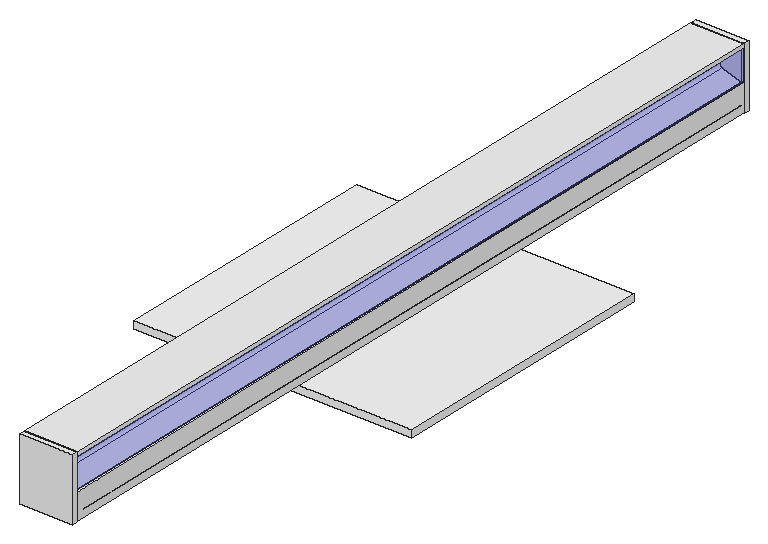
Revit family "BE_50802.1_de_DE", category Leuchten, Revit 2020
Family settings
  Basisbauteil = Fläche
  Bemaßung runder Anschluss = Durchmesser verwenden
  Teiletyp = Normal
  Beim Laden mit Abzugskörper schneiden = Ja
  Lichtquelle = Ja
  Gemeinsam genutzt = Nein
  Raumberechnungspunkt = Ja
Parameters (values of type "BEGA_50802.1_K3")
  built-in parameter 1150104 = 13.778 (stored number, unit not read)
  Wattage = 47.2 W
  Default Elevation = 0 mm
  built-in parameter 1150113 = 1 (stored number, unit not read)
  built-in parameter 1114218 = 1 (stored number, unit not read)
  Umgebungstemperatur = "25 °C"
  URL = "https://www.bega.com/de/produkt/50802.1"
  Typenkommentare = "© 2023 BEGA. Wir behalten uns das Recht vor, technische Änderungen ohne vorherige Ankündigung vorzunehmen."  # constant formula
  built-in parameter 1150134 = (empty or 0)
  built-in parameter 1150109 = 1 (stored number, unit not read)
  Strom = ""
  built-in parameter 1150110 = 1 (stored number, unit not read)
  Spannung = 239.996 V
  Sonderanfertigung = no
  Seriennummer [instance] = "Hier können Sie die eindeutige Seriennummer für das Facility Management eintragen."
  Schutzklasse = "I"
  Schutzart = "IP 20"
  Scheinlast = 0 VA
  Produktdatenblatt = "https://cdn.bega.com/bega/products/50802.1K3/current/documents/data-sheets/de"
  Oberflächentemperatur = ""
  Neigungswinkel = 0.00°
  Modell = "50802.1K3"
  Material_34 = BEGA_Oberfläche_Samtweiss_matt
  Material_14 = BEGA_Kunststoff_opal
  M_W = no
  M_G = no
  M_A = no
  Logo = 0
  built-in parameter 1114217 = 1 (stored number, unit not read)
  built-in parameter 1150139 = (empty or 0)
  built-in parameter 1150105 = 557.06 (stored number, unit not read)
  built-in parameter 1150114 = 1 (stored number, unit not read)
  Lumens = 7000.23 lm
  built-in parameter 1150115 = 1 (stored number, unit not read)
  Leuchtenlichtstrom = "5910 lm"
  Leuchtenanzahl = ""
  Lebensdauerkriterien = "L70B50 @ 25 °C = 160000 h"
  Lastklassifizierung = Beleuchtung
  built-in parameter 1150112 = 1 (stored number, unit not read)
  Lampenlichtstrom = "7000 lm"
  Lampe = "LED 47.2 W"
  LED_Modulbezeichnung = "8x LED-1050/930"
  Hersteller = "BEGA"  # constant formula
  Halbstreuwinkel = ""
  Gewicht = "7.3 kg"
  Gebrauchslageneinschränkung [instance] = ""
  Frequenz = "0/50-60 Hz"
  Farbwiedergabeindex = "CRI > 90"
  Farbtemperaturverschiebung bei Dämpfen der Lampe = <Keine Auswahl>
  Farbtemperatur = "3000 K"
  Color Filter = 16777215
  built-in parameter 1150133 = 10 (stored number, unit not read)
  Energieeffizienzklasse = "LED A++ - A"
  built-in parameter 1150137 = (empty or 0)
  built-in parameter 1150132 = (empty or 0)
  ENEC = "ja"
  Dimmbar [instance] = "DALI"
  Datei für fotometrisches Netz = "BE_50802K3.ies"
  CE_Konformität = "ja"
  Bestellnummer = "50802.1K3"
  Beschreibung_Sonderanfertigung = "Hier können Sie Informationen zur Sonderanfertigung eintragen."
  Beschreibung = "Wandleuchte"
  built-in parameter 1150106 = 5.5706 (stored number, unit not read)
  Befestigungsbohrung = "Ø 5,5 mm"
  Befestigungsabstand = "1150 mm"
  Ballwurfsicher = ""
  BEGA_Intern_aus = yes
  BEGA_Intern_an = yes
  BEGA_Intern_Konstruktion = yes
  BEGA_Intern = yes
  BEGA_IES = yes
  BEGA_Dummy = no
  Anschlussleitung = ""
  Anschlussleistung [instance] = "53 W"
  Anschlusskasten = ""
  built-in parameter 1150107 = 3000 (stored number, unit not read)
  built-in parameter 1150102 = (empty or 0)
  built-in parameter 1150138 = (empty or 0)
  Aktualisierung = "2023-04-19T04:00:03"
  Abstand_zur_angestrahlten_Fläche [instance] = ""
  AC/DC = "AC/DC"
Reference planes
  plane 1 "Mitte (Vorne/Hinten)": y = 0
  plane 2: z = 0
  plane 3 "Mitte (Links/Rechts)": x = 0
  plane 4 "Links": x = -38
  plane 5 "Rechts": x = 38
  plane 6 "Unten": y = -607.856
  plane 7 "Oben": y = 608.144
  plane 8 "Vorne": z = 90
  plane 9 "Hinten": z = 0
Forms (mm)
  Extrusion 1, solid, material "BEGA_Platte_Weiss"
    sketch origin (0, -1119.2, 0) x (1, 0, 0) y (0, 1, 0)
      loop
        line (-200, 1319.2) -> (-200, 919.2) -> (200, 919.2) -> (200, 1319.2) -> (-200, 1319.2)
    from 0 to -10
  Extrusion 2, solid, material "BEGA_Dummy_matt", visible <- "BEGA_Dummy"
    sketch origin (80.095, -76.023, 0) x (1, 0, 0) y (0, 1, 0)
      loop
        line (-118.095, 684.167) -> (-118.095, -531.833) -> (-42.095, -531.833) -> (-42.095, 684.167) -> (-118.095, 684.167)
    from 0 to 90
Dimensions and locks
  plane 1 "Mitte (Vorne/Hinten)" to Extrusion 1 = 200 mm
  aligned and locked: Extrusion 1 to plane 2
  aligned and locked: Extrusion 1 to level
  aligned and locked: Extrusion 2 to nested 1  (x3)
Nested families
  nested 1: "BE_50802.1_Leuchte" at (0, 0, 0), type "BE_50802.1_Leuchte"
Connectors
  electrical at (0, 0, 0), driven by "Lastklassifizierung", driven by "Spannung", driven by "Scheinlast"
    settings: index 1, voltage 239.996 V, apparent load 0 VA, apparent load phase1 0 VA, apparent load phase2 0 VA, apparent load phase3 0 VA, power factor 1, load classification "Beleuchtung", number of poles 1, system type 31, power factor state 1, is connector primary yes, connector utility no, sub classification motor no, connector description ""
Definition of nested family "BE_50802.1_Leuchte"
  Parameters (values of type "BE_50802.1_Leuchte")
    Default Elevation = 1 mm
    URL = "http://www.bega.de/de/produkt"
    Type Comments = "© 2015 BEGA. Wir behalten uns das Recht vor, technische Änderungen ohne vorherige Ankündigung vorzunehmen. "  # constant formula
    Type Image = (empty or 0)
    Material_34 = none
    Material_14 = none
    Länge_Platte = 200 mm  # constant formula
    Höhe_Platte = -10 mm  # constant formula
    Manufacturer = "BEGA"  # constant formula
    Breite_Platte = 200 mm  # constant formula
  Reference planes
    plane 1 "Mitte (Oben/Unten)": y = 0
    plane 2: z = 0
    plane 3 "Mitte (Links/Rechts)": x = 0
    plane 4: y = 608.144
    plane 5: x = 38
    plane 6: y = -607.856
    plane 7: x = -38
    plane 8: z = 90
  Forms (mm)
    Extrusion 1, solid, detail levels medium
      sketch origin (0, 0, 0) x (1, 0, 0) y (0, 1, 0)
        loop
          line (-100, 100) -> (-100, -100) -> (100, -100) -> (100, 100) -> (-100, 100)
      from 0 to -10 <- "Höhe_Platte"
    Extrusion 2, solid, material <- "Material_34"
      sketch origin (0, 0, 0) x (1, 0, 0) y (0, 0, 1)
        loop
          line (26, 0) -> (34, 0) -> (34, 2.5) -> (30.5, 2.5) -> (30.5, 5.902) -> (33.2, 7.461)
          arc (33.2, 7.461) -> (33.8, 8.5) -> (33.2, 9.539) r 1.2
          line (33.2, 9.539) -> (32.472, 9.96) -> (28, 10)
          arc (28, 10) -> (27.646, 9.854) -> (27.5, 9.5) r 0.5
          line (27.5, 9.5) -> (27.5, 8) -> (-24, 8) -> (-24, 9.5)
          arc (-24, 9.5) -> (-24.146, 9.854) -> (-24.5, 10) r 0.5
          line (-24.5, 10) -> (-27.252, 10) -> (-28.075, 8.575) -> (-26, 6.5) -> (-26, 4.5) -> (-28, 2.5) -> (-33, 2.5) -> (-33, 0) -> (-25, 0) -> (-22.402, 4.5) -> (23.402, 4.5) -> (26, 0)
      from -600.144 to 599.856
    Extrusion 3, solid, material <- "Material_34"
      sketch origin (0, 0, 0) x (1, 0, 0) y (0, 0, 1)
        loop
          line (6.609, 47.762) -> (34.4, 39) -> (34.4, 37.196) -> (36, 37.231) -> (36, 39) -> (38, 39) -> (38, 0.5) -> (35, 0.5) -> (35, 2.5) -> (31.5, 2.5) -> (31.5, 6.568) -> (34.5, 8.3) -> (34.5, 10.8) -> (31.5, 12.532) -> (31.5, 34.7) -> (21.034, 38) -> (-21.034, 38) -> (-31.5, 34.7) -> (-31.5, 2.5) -> (-35, 2.5) -> (-35, 0.509) -> (-38, 0.499) -> (-38, 39) -> (-36, 39) -> (-36, 37.23) -> (-34.4, 37.196) -> (-34.4, 39) -> (-32.888, 39.477) -> (-6.481, 47.803)
          arc (-6.481, 47.803) -> (-3.963, 49.616) -> (-3, 52.567) r 5
          line (-3, 52.567) -> (-3, 84.133) -> (-8.5, 83.995) -> (-8.5, 78.89)
          arc (-8.5, 78.89) -> (-8.713, 78.48) -> (-9.171, 78.42) r 0.5
          line (-9.171, 78.42) -> (-27.25, 85) -> (-34.4, 85) -> (-34.4, 86.804) -> (-35.888, 86.771) -> (-36.012, 85.026) -> (-38, 84.997) -> (-38, 90) -> (38, 90) -> (38, 85) -> (36.014, 85) -> (35.888, 86.771) -> (34.4, 86.805) -> (34.4, 85) -> (27.25, 85) -> (9.171, 78.42)
          arc (9.171, 78.42) -> (8.713, 78.48) -> (8.5, 78.89) r 0.5
          line (8.5, 78.89) -> (8.5, 84) -> (3, 84.007) -> (3, 70.92) -> (3, 52.567)
          arc (3, 52.567) -> (3.968, 49.61) -> (6.497, 47.798) r 5
      from -600.144 to 599.856
    Extrusion 4, solid, material <- "Material_14"
      sketch origin (0, 0, 0) x (1, 0, 0) y (0, 0, 1)
        loop
          line (34.5, 86.55) -> (34.5, 37.75) -> (36, 37.75) -> (36, 39.3) -> (37.491, 39.3) -> (37.5, 85) -> (36, 85) -> (36, 86.55) -> (34.5, 86.55)
        loop
          line (-34.5, 86.55) -> (-36, 86.55) -> (-36, 85) -> (-37.5, 85) -> (-37.5, 39.3) -> (-36, 39.3) -> (-36, 37.75) -> (-34.5, 37.75) -> (-34.5, 86.55)
      from -600.144 to 599.856
    Extrusion 5, solid, material <- "Material_34"
      sketch origin (0, 0, 0) x (1, 0, 0) y (0, 1, 0)
        loop
          line (-37.994, -600.726) -> (-37.869, -607.856) -> (37.869, -607.856) -> (37.994, -600.726) -> (37.172, -600.726) -> (37.172, -599.856) -> (-0.439, -599.856) -> (-37.172, -599.856) -> (-37.172, -600.726) -> (-37.994, -600.726)
      from 0 to 90
    Extrusion 6, solid, material <- "Material_34"
      sketch origin (0, 0, 0) x (1, 0, 0) y (0, 1, 0)
        loop
          line (-37.869, 608.144) -> (-37.993, 601.065) -> (-37.124, 601.065) -> (-37.124, 600.144) -> (-0.419, 600.144) -> (37.124, 600.144) -> (37.124, 601.065) -> (37.993, 601.065) -> (37.869, 608.144) -> (-37.869, 608.144)
      from 0 to 90
    Extrusion 7, void
      sketch origin (0, 0, 0) x (1, 0, 0) y (0, 1, 0)
        loop
          line (7.5, -576.606) -> (12.5, -576.606)
          arc (12.5, -576.606) -> (15.25, -573.856) -> (12.5, -571.106) r 2.75
          line (12.5, -571.106) -> (7.5, -571.106)
          arc (7.5, -571.106) -> (4.75, -573.856) -> (7.5, -576.606) r 2.75
        loop
          arc (7, -7.856) -> (12.657, -5.513) -> (15, 0.144) r 8
          line (15, 0.144) -> (15, 134.144)
          arc (15, 134.144) -> (12.657, 139.801) -> (7, 142.144) r 8
          line (7, 142.144) -> (-7, 142.144)
          arc (-7, 142.144) -> (-12.657, 139.801) -> (-15, 134.144) r 8
          line (-15, 134.144) -> (-15, 0.144)
          arc (-15, 0.144) -> (-12.657, -5.513) -> (-7, -7.856) r 8
          line (-7, -7.856) -> (7, -7.856)
        loop
          arc (12.75, 578.644) -> (10, 581.394) -> (7.25, 578.644) r 2.75
          line (7.25, 578.644) -> (7.25, 573.644)
          arc (7.25, 573.644) -> (10, 570.894) -> (12.75, 573.644) r 2.75
          line (12.75, 573.644) -> (12.75, 578.644)
      from 4.5 to 8
  Cuts and joins
    Extrusion 7 cuts Extrusion 2
    Extrusion 7 cuts Extrusion 3
  Dimensions and locks
    equal spacing: Extrusion 1 sketch curve, plane 3 "Mitte (Links/Rechts)", Extrusion 1 sketch curve
    equal spacing: Extrusion 1 sketch curve, plane 1 "Mitte (Oben/Unten)", Extrusion 1 sketch curve
    "Länge_Platte": Extrusion 1 sketch curve to Extrusion 1 sketch curve
    "Breite_Platte": Extrusion 1 sketch curve to Extrusion 1 sketch curve
    plane 1 "Mitte (Oben/Unten)" to Extrusion 1 = 100 mm  (x3)
    aligned and locked: Extrusion 1 to plane 2
    aligned and locked: Extrusion 1 to level
    aligned and locked: Extrusion 3 to Extrusion 2  (x2)
    aligned and locked: Extrusion 4 to Extrusion 2  (x2)
    aligned and locked: Extrusion 3 to Extrusion 6
    aligned and locked: Extrusion 5 to Extrusion 3
  Automatic sketch dimensions
    plane 3 "Mitte (Links/Rechts)" to Extrusion 2 sketch curve = 23.402 mm
    Extrusion 2 sketch curve to Extrusion 2 sketch curve = 2.598 mm
    Extrusion 2 sketch curve to Extrusion 2 sketch curve = 8 mm
    level to Extrusion 2 sketch curve = 9.96 mm
    Extrusion 2 sketch curve to Extrusion 2 sketch curve = 0.128 mm
    Extrusion 2 sketch curve to Extrusion 2 sketch curve = 1.46 mm
    Extrusion 2 sketch curve to Extrusion 2 sketch curve = 4.472 mm
    Extrusion 2 sketch curve to Extrusion 2 sketch curve = 2.1 mm
    level to Extrusion 2 sketch curve = 5.902 mm
    Extrusion 2 sketch curve to Extrusion 2 sketch curve = 0.728 mm
    Extrusion 2 sketch curve to Extrusion 2 sketch curve = 0.6 mm
    level to Extrusion 2 sketch curve = 9.539 mm
    Extrusion 2 sketch curve to Extrusion 2 sketch curve = 0 mm  (x3)
    level to Extrusion 2 sketch curve = 7.461 mm
    Extrusion 2 sketch curve to Extrusion 2 sketch curve = 3.5 mm
    Extrusion 2 sketch curve to Extrusion 2 sketch curve = 2.5 mm  (x2)
    Extrusion 2 sketch curve to Extrusion 2 sketch curve = 0.5 mm  (x2)
    Extrusion 2 sketch curve to Extrusion 2 sketch curve = 1.5 mm  (x2)
    level to Extrusion 2 sketch curve = 9.5 mm
    Extrusion 2 sketch curve to plane 3 "Mitte (Links/Rechts)" = 24.5 mm
    Extrusion 2 sketch curve to Extrusion 2 sketch curve = 2.752 mm
    Extrusion 2 sketch curve to Extrusion 2 sketch curve = 5.748 mm
    Extrusion 2 sketch curve to Extrusion 2 sketch curve = 5 mm
    Extrusion 2 sketch curve to Extrusion 2 sketch curve = 0.823 mm
    level to Extrusion 2 sketch curve = 8.575 mm
    level to Extrusion 2 sketch curve = 4.5 mm  (x2)
    Extrusion 2 sketch curve to Extrusion 2 sketch curve = 2 mm
    level to Extrusion 2 sketch curve = 6.5 mm
    level to Extrusion 2 sketch curve = 0 mm
    Extrusion 2 sketch curve to Extrusion 2 sketch curve = 3 mm
    Extrusion 2 sketch curve to Extrusion 2 sketch curve = 3.598 mm
    Extrusion 2 sketch curve to level = 0 mm
    level to Extrusion 3 sketch curve = 0.5 mm
    Extrusion 3 sketch curve to Extrusion 3 sketch curve = 3 mm  (x4)
    plane 3 "Mitte (Links/Rechts)" to Extrusion 3 sketch curve = 8 mm
    Extrusion 3 sketch curve to Extrusion 3 sketch curve = 0.5 mm  (x3)
    level to Extrusion 3 sketch curve = 8.3 mm
    level to Extrusion 3 sketch curve = 10.8 mm
    level to Extrusion 3 sketch curve = 6.568 mm
    level to Extrusion 3 sketch curve = 12.532 mm
    Extrusion 3 sketch curve to Extrusion 3 sketch curve = 1.6 mm  (x2)
    Extrusion 3 sketch curve to Extrusion 3 sketch curve = 2 mm  (x2)
    Extrusion 3 sketch curve to Extrusion 3 sketch curve = 22.168 mm
    Extrusion 3 sketch curve to Extrusion 3 sketch curve = 0.035 mm  (x2)
    Extrusion 3 sketch curve to Extrusion 3 sketch curve = 1.769 mm
    Extrusion 3 sketch curve to Extrusion 3 sketch curve = 1.804 mm  (x2)
    Extrusion 3 sketch curve to Extrusion 3 sketch curve = 8.762 mm
    Extrusion 3 sketch curve to Extrusion 3 sketch curve = 18.353 mm
    Extrusion 3 sketch curve to Extrusion 3 sketch curve = 7.97 mm
    Extrusion 3 sketch curve to Extrusion 3 sketch curve = 5.5 mm  (x2)
    Extrusion 3 sketch curve to Extrusion 3 sketch curve = 0.171 mm  (x2)
    Extrusion 3 sketch curve to Extrusion 3 sketch curve = 0 mm  (x8)
    Extrusion 3 sketch curve to Extrusion 3 sketch curve = 18.75 mm  (x2)
    Extrusion 3 sketch curve to Extrusion 3 sketch curve = 6.58 mm
    Extrusion 3 sketch curve to Extrusion 3 sketch curve = 5.11 mm
    Extrusion 3 sketch curve to Extrusion 3 sketch curve = 0.007 mm
    Extrusion 3 sketch curve to Extrusion 3 sketch curve = 5.117 mm
    Extrusion 3 sketch curve to Extrusion 3 sketch curve = 7.15 mm  (x2)
    Extrusion 3 sketch curve to Extrusion 3 sketch curve = 1.986 mm
    Extrusion 3 sketch curve to Extrusion 3 sketch curve = 5.105 mm
    Extrusion 3 sketch curve to Extrusion 3 sketch curve = 0.003 mm
    Extrusion 3 sketch curve to Extrusion 3 sketch curve = 5.003 mm
    Extrusion 3 sketch curve to plane 3 "Mitte (Links/Rechts)" = 8 mm
    Extrusion 3 sketch curve to plane 3 "Mitte (Links/Rechts)" = 3 mm
    Extrusion 3 sketch curve to Extrusion 3 sketch curve = 1.519 mm
    Extrusion 3 sketch curve to Extrusion 3 sketch curve = 0.138 mm
    Extrusion 3 sketch curve to plane 3 "Mitte (Links/Rechts)" = 38 mm
    level to Extrusion 3 sketch curve = 0.499 mm
    level to Extrusion 3 sketch curve = 0.509 mm
    Extrusion 3 sketch curve to Extrusion 3 sketch curve = 2.281 mm
    Extrusion 3 sketch curve to Extrusion 3 sketch curve = 1.77 mm
    Extrusion 3 sketch curve to Extrusion 3 sketch curve = 2.9 mm  (x2)
    Extrusion 3 sketch curve to Extrusion 3 sketch curve = 11.854 mm
    Extrusion 3 sketch curve to plane 3 "Mitte (Links/Rechts)" = 21.034 mm
    Extrusion 3 sketch curve to Extrusion 3 sketch curve = 1.991 mm
    Extrusion 3 sketch curve to Extrusion 3 sketch curve = 2.496 mm  (x2)
    Extrusion 3 sketch curve to Extrusion 3 sketch curve = 1.477 mm
    plane 3 "Mitte (Links/Rechts)" to Extrusion 3 sketch curve = 3 mm
    Extrusion 3 sketch curve to Extrusion 3 sketch curve = 0.113 mm
    Extrusion 3 sketch curve to Extrusion 3 sketch curve = 5 mm
    Extrusion 3 sketch curve to Extrusion 3 sketch curve = 1.614 mm
    Extrusion 3 sketch curve to Extrusion 3 sketch curve = 1.488 mm  (x2)
    Extrusion 3 sketch curve to Extrusion 3 sketch curve = 1.771 mm
    Extrusion 3 sketch curve to Extrusion 3 sketch curve = 1.805 mm
    Extrusion 3 sketch curve to Extrusion 3 sketch curve = 1.988 mm
    Extrusion 3 sketch curve to Extrusion 3 sketch curve = 0.125 mm
    Extrusion 3 sketch curve to Extrusion 3 sketch curve = 0.029 mm
    Extrusion 3 sketch curve to Extrusion 3 sketch curve = 1.745 mm
    Extrusion 3 sketch curve to Extrusion 3 sketch curve = 0.033 mm
    Extrusion 3 sketch curve to Extrusion 3 sketch curve = 1.391 mm
    Extrusion 3 sketch curve to Extrusion 3 sketch curve = 10.466 mm
    Extrusion 3 sketch curve to Extrusion 3 sketch curve = 32.2 mm
    Extrusion 3 sketch curve to Extrusion 3 sketch curve = 0.041 mm
    Extrusion 3 sketch curve to Extrusion 3 sketch curve = 14.425 mm
    plane 3 "Mitte (Links/Rechts)" to Extrusion 4 sketch curve = 34.5 mm
    level to Extrusion 4 sketch curve = 86.55 mm
    Extrusion 4 sketch curve to Extrusion 4 sketch curve = 1.5 mm  (x6)
    level to Extrusion 4 sketch curve = 37.75 mm  (x2)
    Extrusion 4 sketch curve to Extrusion 4 sketch curve = 2.991 mm
    Extrusion 4 sketch curve to Extrusion 4 sketch curve = 1.55 mm  (x4)
    Extrusion 4 sketch curve to plane 3 "Mitte (Links/Rechts)" = 34.5 mm
    Extrusion 4 sketch curve to Extrusion 4 sketch curve = 0 mm
    Extrusion 5 sketch curve to plane 3 "Mitte (Links/Rechts)" = 37.994 mm
    Extrusion 5 sketch curve to Extrusion 5 sketch curve = 0.124 mm  (x2)
    Extrusion 5 sketch curve to Extrusion 5 sketch curve = 0.822 mm  (x2)
    plane 3 "Mitte (Links/Rechts)" to Extrusion 5 sketch curve = 37.869 mm
    plane 1 "Mitte (Oben/Unten)" to Extrusion 5 sketch curve = 607.856 mm
    Extrusion 5 sketch curve to Extrusion 5 sketch curve = 7.131 mm
    Extrusion 5 sketch curve to Extrusion 5 sketch curve = 0 mm
    Extrusion 5 sketch curve to Extrusion 5 sketch curve = 0.869 mm
    Extrusion 5 sketch curve to Extrusion 5 sketch curve = 36.733 mm
    Extrusion 6 sketch curve to plane 3 "Mitte (Links/Rechts)" = 37.993 mm
    Extrusion 6 sketch curve to Extrusion 6 sketch curve = 0.124 mm
    Extrusion 6 sketch curve to Extrusion 6 sketch curve = 0.868 mm  (x2)
    plane 3 "Mitte (Links/Rechts)" to Extrusion 6 sketch curve = 37.869 mm
    Extrusion 6 sketch curve to plane 1 "Mitte (Oben/Unten)" = 600.144 mm
    Extrusion 6 sketch curve to Extrusion 6 sketch curve = 0.921 mm  (x2)
    Extrusion 6 sketch curve to Extrusion 6 sketch curve = 7.079 mm
    Extrusion 6 sketch curve to Extrusion 6 sketch curve = 36.705 mm
    Extrusion 6 sketch curve to Extrusion 6 sketch curve = 37.543 mm
    plane 3 "Mitte (Links/Rechts)" to Extrusion 7 sketch curve = 12.5 mm
    plane 6 to Extrusion 7 sketch curve = 31.25 mm
    Extrusion 7 sketch curve to Extrusion 7 sketch curve = 2.75 mm  (x2)
    Extrusion 7 sketch curve to Extrusion 7 sketch curve = 5 mm  (x3)
    Extrusion 7 sketch curve to plane 3 "Mitte (Links/Rechts)" = 7 mm  (x2)
    plane 1 "Mitte (Oben/Unten)" to Extrusion 7 sketch curve = 7.856 mm
    plane 3 "Mitte (Links/Rechts)" to Extrusion 7 sketch curve = 7 mm
    Extrusion 7 sketch curve to plane 1 "Mitte (Oben/Unten)" = 0.144 mm  (x2)
    Extrusion 7 sketch curve to Extrusion 7 sketch curve = 134 mm
    Extrusion 7 sketch curve to Extrusion 7 sketch curve = 0 mm  (x2)
    plane 3 "Mitte (Links/Rechts)" to Extrusion 7 sketch curve = 7.25 mm
    Extrusion 7 sketch curve to plane 4 = 34.5 mm
